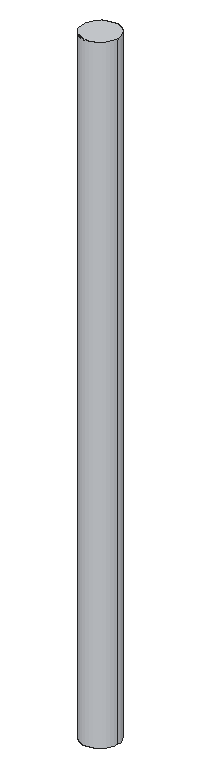
Revit family "ØS Søjler Spæncom", category Structural Columns, Revit 2014
Parameters (values of type "ØS22,5")
  Structural Material [instance] = none
  Radius = Diameter / 2  # 112.5 mm
  Manufacturer = "Spæncom"
  Diameter = 225 mm
Types (14, lengths in mm): name | Radius | Diameter
  ØS 18 | 90 | 180
  ØS 20 | 100 | 200
  ØS22,5 | 112.5 | 225
  ØS 25 | 125 | 250
  ØS 28 | 140 | 280
  ØS 30 | 150 | 300
  ØS 32 | 160 | 320
  ØS 35 | 175 | 350
  ØS 36 | 180 | 360
  ØS 40 | 200 | 400
  ØS 45 | 225 | 450
  ØS 50 | 250 | 500
  ØS 60 | 300 | 600
  ØS 75 | 375 | 750
Reference planes
  plane 1: z = 0
  plane 2: y = 0
  plane 3: x = 0
Forms (mm)
  Extrusion 1, solid, material <- "Structural Material"
    sketch origin (0, 0, 0) x (1, 0, 0) y (0, 1, 0)
      loop
        circle (0, 0) r 112.5
    from 0 to 4000
Dimensions and locks
  "Radius": radius of Extrusion 1 sketch curve
  aligned and locked: level to plane 1
  aligned and locked: level to Extrusion 1
Automatic sketch dimensions
  plane 2 to Extrusion 1 sketch curve = 0 mm
  Extrusion 1 sketch curve to plane 3 = 0 mm
